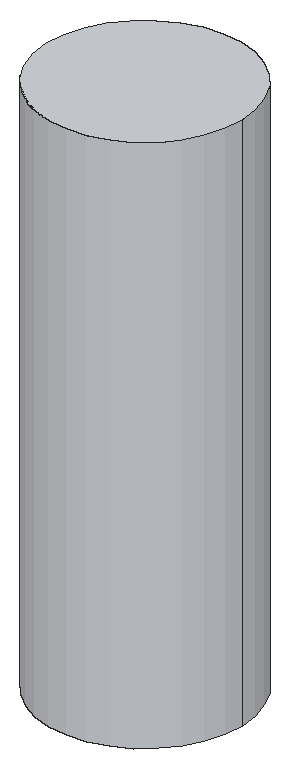
Revit family "HDR_General_PileChecker24", category Generic Models, Revit 2024
Family settings
  Can host rebar = No
  Round Connector Dimension = Use Diameter
  Part Type = Normal
  Work Plane-Based = No
  Always vertical = Yes
  Cut with Voids When Loaded = No
  Maintain Annotation Orientation = No
  Shared = No
  Room Calculation Point = No
Parameters (values of type "HDR_General_PileChecker")
  URL = "www.hdrinc.com"
  SuitabilityDescription [instance] = ""
  SuitabilityCode [instance] = ""
  Structural_Material_SubGrade [instance] = ""
  Structural_Material_StrengthGrade [instance] = ""
  Pile_Size [instance] = 600 mm
  Pile_Length [instance] = 5000 mm
  PileSizeCheck [instance] = Pile_Size * 1.5  # 900 mm
  Negative_Function [instance] = Pile_Length * -1  # -5000 mm
  NRM1_Description = ""
  NRM1_Code = ""
  LOI [instance] = 0
  LOD [instance] = 0
  HDR_Element_TypeRefDescription = ""
  HDR_Element_TypeRef = ""
  HDR_Element_InstanceRefDescription [instance] = ""
  HDR_Element_InstanceRef [instance] = ""
  EngineersComments [instance] = ""
  Default Elevation = 0 mm
  Classification.Uniclass.Ss.Number = ""
  Classification.Uniclass.Ss.Description = ""
  Classification.Uniclass.Pr.Number = ""
  Classification.Uniclass.Pr.Description = ""
  Classification.Uniclass.EF.Number = ""
  Classification.Uniclass.EF.Description = ""
Reference planes
  plane 1 "Center (Front/Back)": y = 0
  plane 2: z = 0
  plane 3 "Center (Left/Right)": x = 0
  plane 4: x = 0
  plane 5: y = 0
Forms (mm)
  Extrusion 1, solid
    sketch origin (0, 0, 0) x (1, 0, 0) y (0, 1, 0)
      loop
        circle (0, -3.5) r 900
    from 0 to -5000 <- "Negative_Function"
Dimensions and locks
  "PileSizeCheck": radius of Extrusion 1 sketch curve
  aligned and locked: level to plane 2
  aligned and locked: plane 3 "Center (Left/Right)" to nested 1
  aligned and locked: plane 1 "Center (Front/Back)" to nested 1
Automatic sketch dimensions
  Extrusion 1 sketch curve to plane 3 "Center (Left/Right)" = 0 mm
  plane 1 "Center (Front/Back)" to Extrusion 1 sketch curve = 3.5 mm
Nested families
  nested 1: "HDR_Annotation_SOP" at (0, 0, 0), type "Setting Out Point"
Definition of nested family "HDR_Annotation_SOP"
  Parameters (values of type "Setting Out Point")
    Top Right [instance] = yes
    Top Left [instance] = no
    Note [instance] = ""
    Bottom Right [instance] = no
    Bottom Left [instance] = no
  Reference planes
    plane 1: y = 0
    plane 2: x = 0
  Lines and regions (mm)
    Filled region 1, type "ACM_Hatch_General-Solid Black (O)"
      outline origin (0, 0, 0) x (1, 0, 0) y (0, 1, 0)
        loop
          line (0, 0) -> (-2.5, 0)
          arc (-2.5, 0) -> (-1.768, -1.768) -> (0, -2.5) r 2.5
          line (0, -2.5) -> (0, 0)
    Filled region 2, type "ACM_Hatch_General-Solid Black (O)"
      outline origin (0, 0, 0) x (-1, 0, 0) y (0, -1, 0)
        loop
          line (0, 0) -> (-2.5, 0)
          arc (-2.5, 0) -> (-1.768, -1.768) -> (0, -2.5) r 2.5
          line (0, -2.5) -> (0, 0)
    detail lines
      curve 1: arc (0, 2.5, 0) -> (1.768, 1.768, 0) -> (2.5, 0, 0) r 2.5
      curve 2: arc (0, -2.5, 0) -> (-1.768, -1.768, 0) -> (-2.5, 0, 0) r 2.5
      curve 3: line (0, 0, 0) -> (-3.5, 0, 0)
      curve 4: line (0, 0, 0) -> (0, -3.5, 0)
      curve 5: line (0, 0, 0) -> (0, 3.544, 0)
      curve 6: line (0, 0, 0) -> (3.5, 0, 0)
      curve 7: arc (0, 2.5, 0) -> (-1.768, 1.768, 0) -> (-2.5, 0, 0) r 2.5
      curve 8: arc (0, -2.5, 0) -> (1.768, -1.768, 0) -> (2.5, 0, 0) r 2.5
  Text (mm)
    label "'SOP'" at (2.872, 3.476, 0), shows "Note", visible <- "Top Right"
    label "'SOP'" at (21.972, -3.824, 0), shows "Note", visible <- "Bottom Right"
    label "'SOP'" at (-2.872, 3.476, 0), shows "Note", visible <- "Top Left"
    label "'SOP'" at (-21.972, -3.824, 0), shows "Note", visible <- "Bottom Left"
